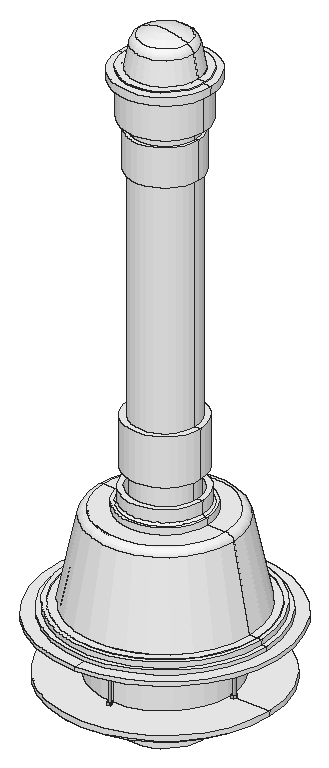
Revit family "R1200-JD-W31P24L-R1404T-1-83", category Plumbing Fixtures, host Face, Revit 2018
Family settings
  Host = Face
  Round Connector Dimension = Use Radius
  Part Type = Normal
  Cut with Voids When Loaded = No
  Shared = No
  Room Calculation Point = No
Parameters (values of type "R1205,6-JD-W31P24L-R1404T-1-83_5" Drain Pipe Size")
  WFU = 0
  URL = "WWW.MIFAB.COM"
  Pipe Radius = Pipe Diameter / 2  # 0' - 2 1/2"
  Pipe Diameter = 0' - 5"
  No Hub Standard Height = 0' - 6 3/4"
  Model = "R1205,6-JD-W31P24L-R1404T-1-83"
  Manufacturer = "MIFAB"
  Floor Drain Material = Paint - Sherwin Williams Paint - #952C2A - Bellwood Red
  Description = "LARGE GREEN ROOF DRAIN WITH PERFORATED PERFORATED PVC STANDPIPE, STAINLESS STEEL MESH COVERED CAST IRON DOME AND TOP N.B. DOME STRAINER"
  Default Elevation = 0' - 0"
  CWFU = 0
  Bottom Height = 0' - 3 1/2"
  Assembly Code = ""
Types (7): name | Pipe Radius | Pipe Diameter | No Hub Standard Height | Model
  (no name) | 0' - 2 1/2" | 0' - 5" | 0' - 6 3/4" | "R1205,6-JD-W31P24L-R1404T-1-83"
  R1205,6-JD-W31P24L-R1404T-1-83_6" Drain Pipe Size | 0' - 3" | 0' - 6" | 0' - 6 1/2" | "R1205,6-JD-W31P24L-R1404T-1-83"
  R1208-JD-W31P24L-R1404T-1-83_8" Drain Pipe Size | 0' - 4" | 0' - 8" | 0' - 6 1/2" | "R1208-JD-W31P24L-R1404T-1-83"
  R1205,6-JD-W31P24L-R1404T-1-83_5" Drain Pipe Size | 0' - 2 1/2" | 0' - 5" | 0' - 6 3/4" | "R1205,6-JD-W31P24L-R1404T-1-83"
  R1202,3,4-JD-W31P24L-R1404T-1-83_4" Drain Pipe Size | 0' - 2" | 0' - 4" | 0' - 6 1/2" | "R1202,3,4-JD-W31P24L-R1404T-1-83"
  R1202,3,4-JD-W31P24L-R1404T-1-83_3" Drain Pipe Size | 0' - 1 1/2" | 0' - 3" | 0' - 6 1/2" | "R1202,3,4-JD-W31P24L-R1404T-1-83"
  R1202,3,4-JD-W31P24L-R1404T-1-83_2" Drain Pipe Size | 0' - 1" | 0' - 2" | 0' - 6 1/2" | "R1202,3,4-JD-W31P24L-R1404T-1-83"
Reference planes (in)
  plane 1 "Center (Front/Back)": y = 0
  plane 2: z = 0
  plane 3 "Center (Left/Right)": x = 0
  plane 4: z = -7.25
  plane 5: z = -3
  plane 6: z = -5.25
  plane 7: y = -2.5
  plane 8: y = 2.5
  plane 9: x = -2.5
  plane 10: x = 2.5
  plane 11: z = 6.125
  plane 12: x = 7.5
  plane 13: x = -7.5
  plane 14: y = 7.5
  plane 15: y = -7.5
  plane 16: z = -5.14286
  plane 17: z = -0.25
  plane 18: z = -6.75
  plane 19: y = 3.75
  plane 20: y = -3.75
  plane 21: y = 4.8125
  plane 22: y = -4.8125
  plane 23: x = 6.23869
  plane 24: x = -6.5
  plane 25: z = -3.5
  plane 26: z = -4.26379
  plane 27: x = 6.5
  plane 28: z = 30.125
  plane 29: x = 3.0625
  plane 30: x = -3.0625
  plane 31: z = 39.0625
  plane 32: z = 29.33601
  plane 33: z = 32.21101
  plane 34: z = 32.33601
  plane 35: z = 34.58601
Forms (in)
  Revolve 1, solid, material "Paint - Sherwin Williams Paint - #952C2A - Bellwood Red" <- "Floor Drain Material"
    sketch origin (0, 0.04396, -2.375) x (0, 1, 0) y (0, 0, 1)
      loop
        line (-4.16896, 2.375) -> (-7.54396, 2.375) -> (-7.54396, 2.125) -> (-4.85646, 2.125) -> (-4.85646, 1.375) -> (-4.29396, 1.375) -> (-4.29396, -2.3125) -> (-2.54396, -2.3125) -> (-2.54396, -4.375) -> (-2.29396, -4.375) -> (-2.29396, -2.0625) -> (-3.66896, -2.0625) -> (-3.66896, -0.625) -> (-4.16896, -0.625) -> (-4.16896, 2.375)
      axis (-0.04396, 2.375) -> (-0.04396, -4.375)
    angle from 0 to 360
  Revolve 2, solid, material "Paint - Sherwin Williams Paint - #952C2A - Bellwood Red" <- "Floor Drain Material"
    sketch origin (0, 0, 7.5) x (1, 0, 0) y (0, 0, 1)
      loop
        line (2.51054, -1.375) -> (2.51054, -1.70312) -> (4.05571, -1.70312)
        arc (4.05571, -1.70312) -> (4.16387, -1.74143) -> (4.22383, -1.83927) r 0.17188
        line (4.22383, -1.83927) -> (5.37391, -7.25) -> (6.13967, -7.25) -> (6.13967, -6.92209) -> (5.63967, -6.92209) -> (4.54478, -1.77104)
        arc (4.54478, -1.77104) -> (4.37037, -1.48643) -> (4.05571, -1.375) r 0.5
        line (4.05571, -1.375) -> (2.51054, -1.375)
      loop
        line (2.5, -0.07905) -> (2.16384, -0.07905) -> (2.16384, -1.51036) -> (2.5, -1.51036) -> (2.5, -1.36532) -> (2.84059, -1.36532) -> (2.84059, -0.96751) -> (2.63131, -0.96751)
        arc (2.63131, -0.96751) -> (2.53846, -0.92905) -> (2.5, -0.8362) r 0.13131
        line (2.5, -0.8362) -> (2.5, -0.07905)
      axis (0, -7.25) -> (0, -0.07905)
    angle from 0 to 360
  Revolve 3, solid, material "Paint - Sherwin Williams Paint - #952C2A - Bellwood Red" <- "Floor Drain Material"
    sketch origin (0, 0, 0) x (1, 0, 0) y (0, 0, 1)
      loop
        line (6.72286, 0) -> (6.72286, 0.25) -> (6.43654, 0.25) -> (6.43654, 0.57791) -> (6.13967, 0.57791) -> (6.13967, 0.25) -> (1.27391, 0.25) -> (1.27391, 0.40312) -> (0, 0.40312) -> (0, 0) -> (6.72286, 0)
      axis (0, 0) -> (0, 0.57791)
    angle from 0 to 360
  Revolve 4, solid, material "Paint - Sherwin Williams Paint - #952C2A - Bellwood Red" <- "Floor Drain Material"
    sketch origin (0, 0, 0) x (1, 0, 0) y (0, 0, 1)
      loop
        line (6.9375, -3.5) -> (4.35041, -3.5) -> (4.35041, -4.01379) -> (5.35041, -4.01379) -> (5.35041, -4.26379) -> (5.85041, -4.26379) -> (5.85041, -4.01379) -> (6.6875, -4.01379) -> (6.6875, -3.80633) -> (6.9375, -3.80633) -> (6.9375, -3.5)
      axis (0, -4.26379) -> (0, -3.5)
    angle from 0 to 360
  Revolve 5, solid, material "Paint - Sherwin Williams Paint - #952C2A - Bellwood Red" <- "Floor Drain Material"
    sketch origin (0, 0, 0) x (1, 0, 0) y (0, 0, 1)
      loop
        line (-1.89029, 6.82491) -> (-1.57196, 6.82491) -> (-1.57196, 9.24517) -> (-1.89029, 9.24517) -> (-1.89029, 9.99517) -> (-1.73404, 9.99517) -> (-1.73404, 30.125) -> (-2, 30.125) -> (-2, 11.67095) -> (-2.39029, 11.67095) -> (-2.39029, 8.67095) -> (-1.89029, 8.67095) -> (-1.89029, 6.82491)
      axis (0, 6.82491) -> (0, 30.125)
    angle from 0 to 360
  Revolve 6, solid, material "Paint - Sherwin Williams Paint - #952C2A - Bellwood Red" <- "Floor Drain Material"
    sketch origin (0, 0, 0) x (1, 0, 0) y (0, 0, 1)
      loop
        line (-2, 26.375) -> (-2, 28.75) -> (-2.23583, 28.75) -> (-2.23583, 26.375) -> (-2, 26.375)
      axis (0, 26.375) -> (0, 28.75)
    angle from 0 to 360
  Revolve 7, solid, material "Paint - Sherwin Williams Paint - #952C2A - Bellwood Red" <- "Floor Drain Material"
    sketch origin (0, 0, 0) x (1, 0, 0) y (0, 0, 1)
      loop
        line (-2, 28.6875) -> (-1.75, 28.6875) -> (-1.75, 30.125) -> (-2.31305, 30.125) -> (-2.31305, 32.21101) -> (-3.0625, 32.21101) -> (-3.0625, 31.71101) -> (-2.58357, 31.71101) -> (-2.58357, 29.375) -> (-2, 29.375) -> (-2, 28.6875)
      axis (0, 28.6875) -> (0, 32.21101)
    angle from 0 to 360
  Revolve 8, solid, material "Paint - Sherwin Williams Paint - #952C2A - Bellwood Red" <- "Floor Drain Material"
    sketch origin (0, 0, 0) x (1, 0, 0) y (0, 0, 1)
      loop
        line (-2.18001, 32.27914) -> (-2.18001, 31.37568) -> (-1.99619, 31.37568) -> (-1.99619, 32.21664) -> (-1.71034, 33.68723)
        arc (-1.71034, 33.68723) -> (-1.62323, 33.90749) -> (-1.44439, 34.06279) r 0.49906
        arc (-1.44439, 34.06279) -> (-0.74307, 34.32235) -> (0, 34.40632) r 3.09839
        line (0, 34.40632) -> (0, 34.58601)
        arc (0, 34.58601) -> (-0.78539, 34.49698) -> (-1.52663, 34.22255) r 3.27808
        arc (-1.52663, 34.22255) -> (-1.75888, 34.02642) -> (-1.88223, 33.74859) r 0.67875
        line (-1.88223, 33.74859) -> (-2.15681, 32.33601) -> (-2.63372, 32.33601) -> (-2.63372, 32.27914) -> (-2.18001, 32.27914)
      axis (0, 31.37568) -> (0, 34.58601)
    angle from 0 to 360
Lines and regions (in)
  model lines, not visible
    curve 1: line (6.7156, 0, 9.07611) -> (12.5156, 0, 9.07611)
    curve 2: line (12.5156, 0, 9.07611) -> (12.5156, 0, 10.82611)
    curve 3: line (12.5156, 0, 10.82611) -> (6.7156, 0, 10.82611)
    curve 4: line (6.7156, 0, 10.82611) -> (6.7156, 0, 9.07611)
    curve 5: line (7.13163, 0, 10.86539) -> (7.13163, 0, 12.86539)
    curve 6: line (7.13163, 0, 12.86539) -> (15.53163, 0, 12.86539)
    curve 7: line (15.53163, 0, 12.86539) -> (15.53163, 0, 10.86539)
    curve 8: line (11.33163, 0, 12.86539) -> (11.33163, 0, 12.36539)
    curve 9: line (0, 28.52778, -10.8585) -> (0, 28.52778, -8.6085)
    curve 10: line (0, 28.52778, -8.6085) -> (0, 21.02778, -8.6085)
    curve 11: line (0, 21.02778, -8.6085) -> (0, 21.02778, -10.8585)
    curve 12: line (0, 24.77778, -8.6085) -> (0, 24.77778, -9.1085)
    curve 13: line (13.30546, 0, 10.44272) -> (13.30546, 0, 12.69272)
    curve 14: line (13.30546, 0, 12.69272) -> (26.80546, 0, 12.69272)
    curve 15: line (26.80546, 0, 12.69272) -> (26.80546, 0, 10.44272)
    curve 16: line (20.05546, 0, 12.69272) -> (20.05546, 0, 13.19272)
    curve 17: line (9.1978, 0, 16.37268) -> (9.1978, 0, 18.62268)
    curve 18: line (9.1978, 0, 18.62268) -> (22.1978, 0, 18.62268)
    curve 19: line (22.1978, 0, 18.62268) -> (22.1978, 0, 16.37268)
    curve 20: line (15.6978, 0, 18.62268) -> (15.6978, 0, 17.87268)
    curve 21: line (14.79578, 0, 57.59945) -> (14.79578, 0, 59.34945)
    curve 22: line (14.79578, 0, 59.34945) -> (20.92078, 0, 59.34945)
    curve 23: line (20.92078, 0, 59.34945) -> (20.92078, 0, 57.59945)
    curve 24: line (17.85828, 0, 59.34945) -> (17.85828, 0, 58.59945)
Dimensions and locks (in)
  locked: plane 5 to plane 4 at 4.25
  equal spacing: plane 8, plane 1 "Center (Front/Back)", plane 7
  "Pipe Diameter": plane 8 to plane 7
  "Pipe Radius": plane 1 "Center (Front/Back)" to plane 7
  plane 11 to level = 0' - 6 1/8"
  plane 13 to plane 3 "Center (Left/Right)" to plane 12 = 0' - 7 1/2" locked, 0' - 7 1/2" locked
  plane 13 to plane 12 = 1' - 3"  (x3)
  plane 15 to plane 1 "Center (Front/Back)" to plane 14 = 0' - 7 1/2" locked, 0' - 7 1/2" locked
  plane 15 to plane 14 = 1' - 3"
  locked: plane 2 to plane 17 at 0.25
  "No Hub Standard Height": plane 2 to plane 18
  equal spacing: plane 19, plane 1 "Center (Front/Back)", plane 20
  plane 19 to plane 20 = 0' - 7 1/2"
  locked: Revolve 1 sketch curve to plane 15 at 2.6875
  plane 21 to plane 22 = 0' - 9 5/8"
  locked: plane 6 to plane 18 at 1.5
  Revolve 1 sketch curve to plane 22 = 0' - 0 9/16"
  locked: plane 11 to plane 2 at 6.125
  locked: plane 25 to plane 26 at 0.76379
  "Bottom Height": plane 2 to plane 25
  equal spacing: plane 24, plane 3 "Center (Left/Right)", plane 27
  plane 24 to plane 27 = 1' - 1"
  locked: plane 28 to plane 11 at 24
  equal spacing: plane 30, plane 3 "Center (Left/Right)", plane 29
  locked: plane 30 to plane 29 at 6.125
  locked: plane 35 to plane 34 at 2.25
  plane 33 to plane 32 = 0' - 2 7/8"
  plane 34 to plane 33 = 0' - 0 1/8"
  aligned and locked: plane 2 to host face
  aligned and locked: level to host face
  aligned and locked: Revolve 1 sketch curve to plane 18
  aligned and locked: plane 17 to Revolve 1 sketch curve
  aligned and locked: plane 15 to Revolve 1 sketch curve
  aligned and locked: Revolve 2 sketch curve to plane 11
  aligned and locked: plane 25 to Revolve 4 sketch curve
  aligned and locked: plane 26 to Revolve 4 sketch curve
  aligned and locked: plane 1 "Center (Front/Back)" to nested 1
  aligned and locked: nested 1 to Revolve 1
  aligned and locked: nested 2 to Revolve 1
  aligned and locked: nested 3 to Revolve 1
  aligned and locked: nested 4 to Revolve 1
  aligned and locked: nested 2 to plane 1 "Center (Front/Back)"
  aligned and locked: plane 3 "Center (Left/Right)" to nested 4
  aligned and locked: plane 3 "Center (Left/Right)" to nested 3
Automatic sketch dimensions
  curve 5 to curve 7 = 0' - 8.4"
  curve 5 to curve 8 = 0' - 4.2"
  curve 5 to curve 5 = 0' - 2"
  curve 7 to curve 6 = 0' - 2"
  curve 8 to curve 8 = 0' - 0 1/2"
  host sketch curve to host sketch curve = 8' - 0"  (x2)
  Revolve 1 sketch curve to plane 5 = 0' - 0"
  Revolve 1 sketch curve to level = 0' - 0"
  plane 20 to Revolve 1 sketch curve = 0' - 0 1/8"
  Revolve 1 sketch curve to plane 7 = 0' - 0"
  Revolve 1 sketch curve to plane 1 "Center (Front/Back)" = 0' - 0"
  Revolve 1 sketch curve to plane 4 = 0' - 0"
  plane 6 to Revolve 1 sketch curve = 0' - 0 9/16"
  Revolve 1 sketch curve to plane 20 = 0' - 0 3/8"
  Revolve 1 sketch curve to plane 7 = 0' - 0 1/4"
  plane 6 to Revolve 1 sketch curve = 0' - 0 13/16"
  Revolve 1 sketch curve to plane 17 = 0' - 0 3/4"
  Revolve 1 sketch curve to plane 5 = 0' - 0 1/4"
  Revolve 4 sketch curve to plane 3 "Center (Left/Right)" = 0' - 0"
  Revolve 4 sketch curve to plane 10 = 0' - 1.85041"
  Revolve 4 sketch curve to plane 23 = 0' - 0.88828"
  Revolve 4 sketch curve to plane 23 = 0' - 0.38828"
  Revolve 4 sketch curve to Revolve 4 sketch curve = 0' - 0 1/4"  (x3)
  Revolve 4 sketch curve to Revolve 4 sketch curve = 0' - 0.20746"
  plane 11 to Revolve 4 sketch curve = 0' - 11.79464"
  Revolve 4 sketch curve to Revolve 4 sketch curve = 0' - 2 1/4"
  plane 23 to Revolve 4 sketch curve = 0' - 0.44881"
  Revolve 3 sketch curve to plane 3 "Center (Left/Right)" = 0' - 0"  (x2)
  Revolve 3 sketch curve to level = 0' - 0"
  Revolve 3 sketch curve to plane 23 = 0' - 0.09902"
  Revolve 3 sketch curve to plane 27 = 0' - 0.06346"
  plane 27 to Revolve 3 sketch curve = 0' - 0.22286"
  Revolve 3 sketch curve to Revolve 3 sketch curve = 0' - 0 1/4"
  level to Revolve 3 sketch curve = 0' - 0 1/4"
  Revolve 3 sketch curve to Revolve 3 sketch curve = 0' - 0.32791"
  Revolve 3 sketch curve to Revolve 3 sketch curve = 0' - 0.15312"
  plane 11 to Revolve 3 sketch curve = 0' - 2.65404"
  Revolve 3 sketch curve to Revolve 3 sketch curve = 0' - 1 3/4"
  plane 10 to Revolve 3 sketch curve = 0' - 1.22609"
  Revolve 2 sketch curve to Revolve 2 sketch curve = 0' - 0"  (x2)
  Revolve 2 sketch curve to plane 3 "Center (Left/Right)" = 0' - 0"
  Revolve 2 sketch curve to plane 10 = 0' - 0"
  plane 10 to Revolve 2 sketch curve = 0' - 0"
  Revolve 2 sketch curve to plane 11 = 0' - 0.13536"
  plane 10 to Revolve 2 sketch curve = 0' - 0.33616"
  Revolve 2 sketch curve to plane 10 = 0' - 0.01054"
  Revolve 2 sketch curve to plane 10 = 0' - 0.13131"
  plane 11 to Revolve 2 sketch curve = 0' - 0.00968"
  Revolve 2 sketch curve to Revolve 2 sketch curve = 0' - 0.33005"
  Revolve 2 sketch curve to plane 11 = 0' - 0 21/64"
  Revolve 2 sketch curve to Revolve 2 sketch curve = 0' - 1.21511"
  Revolve 2 sketch curve to plane 11 = 0' - 0.46427"
  Revolve 2 sketch curve to Revolve 2 sketch curve = 0' - 0.16812"
  Revolve 2 sketch curve to plane 11 = 0' - 0.39604"
  level to Revolve 2 sketch curve = 0' - 0 1/4"
  Revolve 2 sketch curve to plane 23 = 0' - 0.86477"
  Revolve 2 sketch curve to Revolve 2 sketch curve = 0' - 0.26576"
  Revolve 2 sketch curve to plane 23 = 0' - 0.09902"
  Revolve 2 sketch curve to Revolve 2 sketch curve = 0' - 0.32791"
  Revolve 2 sketch curve to Revolve 2 sketch curve = 0' - 0.39781"
  Revolve 2 sketch curve to Revolve 2 sketch curve = 0' - 0.75716"
  level to Revolve 2 sketch curve = 0' - 2 1/8"
  Revolve 2 sketch curve to Revolve 2 sketch curve = 0' - 0 1/2"
  Revolve 5 sketch curve to plane 3 "Center (Left/Right)" = 0' - 0"
  Revolve 5 sketch curve to plane 9 = 0' - 0.92804"
  Revolve 5 sketch curve to plane 9 = 0' - 0.76596"
  Revolve 5 sketch curve to Revolve 5 sketch curve = 0' - 0.31833"
  Revolve 5 sketch curve to Revolve 5 sketch curve = 0' - 0 5/32"
  Revolve 5 sketch curve to plane 9 = 0' - 0 1/2"
  Revolve 5 sketch curve to plane 9 = 0' - 0.10971"
  plane 11 to Revolve 5 sketch curve = 0' - 0.69991"
  Revolve 5 sketch curve to Revolve 5 sketch curve = 0' - 1.84605"
  Revolve 5 sketch curve to Revolve 5 sketch curve = 0' - 0 147/256"
  Revolve 5 sketch curve to Revolve 5 sketch curve = 0' - 0 3/4"
  Revolve 5 sketch curve to Revolve 5 sketch curve = 0' - 1 173/256"
  Revolve 5 sketch curve to Revolve 5 sketch curve = 0' - 1"
  plane 28 to Revolve 5 sketch curve = 0' - 3.79595"
  Revolve 5 sketch curve to plane 28 = 0' - 0"
  Revolve 6 sketch curve to plane 3 "Center (Left/Right)" = 0' - 0"
  Revolve 6 sketch curve to plane 9 = 0' - 0 1/2"
  Revolve 6 sketch curve to Revolve 6 sketch curve = 0' - 0.23583"
  Revolve 6 sketch curve to plane 28 = 0' - 3 3/4"
  Revolve 6 sketch curve to plane 28 = 0' - 1 3/8"
  Revolve 6 sketch curve to Revolve 6 sketch curve = 0' - 5.17095"
  Revolve 6 sketch curve to Revolve 6 sketch curve = 0' - 1"
  Revolve 8 sketch curve to Revolve 8 sketch curve = 0' - 0"  (x4)
  Revolve 8 sketch curve to plane 34 = 0' - 0"
  Revolve 8 sketch curve to plane 3 "Center (Left/Right)" = 0' - 0"  (x2)
  Revolve 8 sketch curve to plane 35 = 0' - 0"
  Revolve 8 sketch curve to plane 3 "Center (Left/Right)" = 0' - 0.02616"
  Revolve 8 sketch curve to plane 3 "Center (Left/Right)" = 0' - 1.21595"
  Revolve 8 sketch curve to Revolve 8 sketch curve = 0' - 0.49439"
  Revolve 8 sketch curve to Revolve 8 sketch curve = 0' - 0 11/64"
  plane 33 to Revolve 8 sketch curve = 0' - 0.00563"
  Revolve 8 sketch curve to plane 9 = 0' - 0.50381"
  Revolve 8 sketch curve to Revolve 8 sketch curve = 0' - 0.0232"
  plane 9 to Revolve 8 sketch curve = 0' - 0.13372"
  Revolve 8 sketch curve to plane 33 = 0' - 0.90298"
  Revolve 8 sketch curve to plane 35 = 0' - 0.96694"
  Revolve 8 sketch curve to Revolve 8 sketch curve = 0' - 0.06816"
  Revolve 8 sketch curve to Revolve 8 sketch curve = 0' - 0.06135"
  Revolve 8 sketch curve to plane 35 = 0' - 0 23/128"
  Revolve 8 sketch curve to Revolve 8 sketch curve = 0' - 0.18382"
  Revolve 8 sketch curve to plane 33 = 0' - 0.83533"
  Revolve 8 sketch curve to Revolve 8 sketch curve = 0' - 1.72555"
  Revolve 8 sketch curve to plane 31 = 0' - 1.14155"
  plane 33 to Revolve 8 sketch curve = 0' - 0.06813"
  plane 30 to Revolve 7 sketch curve = 0' - 0"
  Revolve 7 sketch curve to plane 33 = 0' - 0"
  Revolve 7 sketch curve to plane 28 = 0' - 0"
  Revolve 7 sketch curve to plane 3 "Center (Left/Right)" = 0' - 0"
  plane 32 to Revolve 7 sketch curve = 0' - 0.03899"
  plane 9 to Revolve 7 sketch curve = 0' - 0.08357"
  Revolve 7 sketch curve to plane 9 = 0' - 0.18695"
  Revolve 7 sketch curve to plane 9 = 0' - 0 1/2"
  Revolve 7 sketch curve to Revolve 7 sketch curve = 0' - 0 1/4"
  Revolve 7 sketch curve to plane 32 = 0' - 0.64851"
  Revolve 7 sketch curve to plane 33 = 0' - 0 1/2"
  Revolve 7 sketch curve to plane 35 = 0' - 0.66506"
  plane 35 to Revolve 7 sketch curve = 0' - 0.33494"
Nested families (in)
  nested 1: "Bolt1" at (-4.55567, 0, -4.01379), type "Bolt1"
    with Height 0' - 3.01379"
  nested 2: "Bolt1" at (4.58798, 0, -4.01379) x (0, 1, 0) z (0, 0, 1), type "Bolt1"
    with Height 0' - 3.01379"
  nested 3: "Bolt1" at (0, 4.57488, -4.01379) x (0, 1, 0) z (0, 0, 1), type "Bolt1"
    with Height 0' - 3.01379"
  nested 4: "Bolt1" at (0, -4.57063, -4.01379) x (0, 1, 0) z (0, 0, 1), type "Bolt1"
    with Height 0' - 3.01379"
Connectors (in)
  piping at (0, 0, -6.75), diameter 5, driven by "Pipe Radius", driven by "WFU"
    settings: on Revolve 1, index 2, connector inside diameter 2", connector length 0' - 0", flow factor 0, pipe flow 0 GPM, pressure drop 0.00 psi, fitting loss kfactor 0, connector angle 0.00°, fixture units 0, engagement length 0' - 0", angle of deflection 0.00°, flow configuration 3, flow direction 2, fitting loss method 0, system type 16, joint type 0, gender type 0, connector reference index -1, connector utility 0, adjustable connector no, is connector primary yes, connector description "Sanitary Out"
Definition of nested family "Bolt1"
  Parameters (values of type "Bolt1")
    Material = none
    Height [instance] = 1' - 1.38583"
    Default Elevation = 4' - 0"
  Reference planes (in)
    plane 1 "Center (Front/Back)": y = 0
    plane 2: z = 0
    plane 3 "Center (Left/Right)": x = 0
    plane 4: z = 13.38583
    plane 5: z = 0.51562
    plane 6: z = 0.67452
  Forms (in)
    Extrusion 1, solid
      sketch origin (0, 0, 0) x (1, 0, 0) y (0, 1, 0)
        loop
          line (-48, 48) -> (-48, -48) -> (48, -48) -> (48, 48) -> (-48, 48)
      from 0 to -12
    Revolve 2, solid, material <- "Material"
      sketch origin (0, 0, 0) x (1, 0, 0) y (0, 0, 1)
        loop
          line (0, 13.38583) -> (0, -0.33562) -> (0.11073, -0.33562) -> (0.11073, -0.09843) -> (0.20961, -0.09843) -> (0.20961, 0) -> (0.07382, 0) -> (0.07382, 12.93209) -> (0.11234, 12.93209)
          arc (0.11234, 12.93209) -> (0.14919, 12.94735) -> (0.16446, 12.9842) r 0.05211
          line (0.16446, 12.9842) -> (0.16446, 13.38583) -> (0, 13.38583)
        axis (0, -0.33562) -> (0, 13.38583)
      angle from 0 to 360
    Extrusion 3, solid, material <- "Material"
      sketch origin (0, 0, 0) x (1, 0, 0) y (0, 1, 0)
        loop
          line (0, 0.16446) -> (-0.14242, 0.08223) -> (-0.14242, -0.08223) -> (0, -0.16446) -> (0.14242, -0.08223) -> (0.14242, 0.08223) -> (0, 0.16446)
      from 0.51562 to 0.67452
  Dimensions and locks (in)
    "Height": plane 4 to plane 2
    aligned and locked: plane 2 to Extrusion 1
    aligned and locked: level to Extrusion 1
    aligned and locked: Revolve 2 sketch curve to plane 3 "Center (Left/Right)"
    aligned and locked: Extrusion 1 to Revolve 2 sketch curve
    aligned and locked: Extrusion 3 to plane 5
    aligned and locked: plane 6 to Extrusion 3
  Automatic sketch dimensions
    Extrusion 1 sketch curve to Extrusion 1 sketch curve = 8' - 0"  (x2)
    Revolve 2 sketch curve to plane 3 "Center (Left/Right)" = 0' - 0"
    Revolve 2 sketch curve to plane 4 = 0' - 0"
    plane 3 "Center (Left/Right)" to Revolve 2 sketch curve = 0' - 0.07382"
    Revolve 2 sketch curve to Revolve 2 sketch curve = 0' - 0.11073"
    Revolve 2 sketch curve to Revolve 2 sketch curve = 0' - 0.03852"
    plane 3 "Center (Left/Right)" to Revolve 2 sketch curve = 0' - 0.16446"
    Revolve 2 sketch curve to Revolve 2 sketch curve = 0' - 0.13579"
    Revolve 2 sketch curve to level = 0' - 0.09843"
    Revolve 2 sketch curve to Revolve 2 sketch curve = 0' - 0.23719"
    Revolve 2 sketch curve to plane 4 = 0' - 0.45374"
    Revolve 2 sketch curve to Revolve 2 sketch curve = 0' - 5.38878"
    Revolve 2 sketch curve to Revolve 2 sketch curve = 0' - 5.51181"
